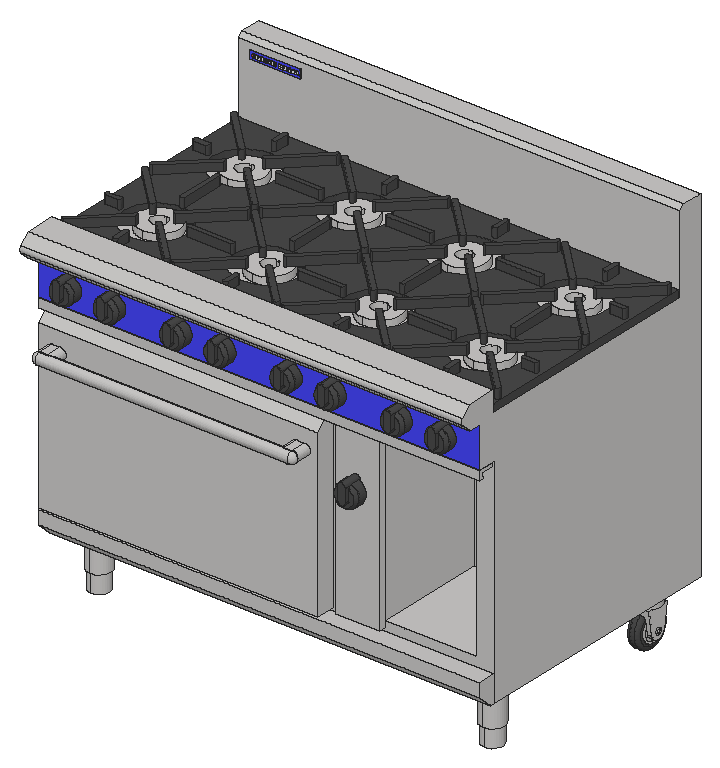
Revit family "QF_MOFFAT_BLUESEAL_CE_GE58D", category Specialty Equipment, Revit 2012
Parameters
  Width = 1200 mm
  Weight in Pounds = 485
  Watts = 6600 W
  Volts = 400 V
  URL Cutsheet = "www.moffat.com"
  URL = "www.moffat.com"
  Type Mark [instance] = ""
  Status [instance] = ""
  Specification by User [instance] = ""
  Specification by Manufacturer = ""
  Show Logo [instance] = yes
  Show Clearance [instance] = yes
  Show Casters [instance] = yes
  Serial Number = ""
  Seismic Rating = ""
  SMACNA No = ""
  Revision Code [instance] = ""
  Phase = 3
  Omniclass Number and Title = ""
  Number of Poles [instance] = 1
  NAFEM Spec ID Number = ""
  Model = "GE58D"
  Min Ckt Ampacity = 0 A
  Mechanical Remarks = ""
  Mechanical Connection Type [instance] = ""
  Max Overcurrent Protection = 0 A
  Masterspec = ""
  Manufacturer = "MOFFAT BLUESEAL"
  Legs [instance] = not(Show Casters)  # no
  Item Number [instance] = ""
  Installed By [instance] = ""
  Identify Quantity as Lot [instance] = yes
  Height = 970 mm
  HP = ""
  Gas Size = 3/4"
  Gas RI Height [instance] = 0 mm
  Gas KW [instance] = 62.2
  Gas Input [instance] = 212311.0 Btu/h
  Gas Connection Height = 0 mm
  Furnished By [instance] = ""
  Foodservice Equipment Identifier [instance] = yes
  FL Amps = 9.4 A
  Electrical Remarks = "9.4A PER PHASE"
  Electric Connection Type = ""
  Elec Conn RI Height = 0 mm
  Elec Conn Connection Height = 0 mm
  Description = "1200MM GAS RANGE WITH ELECTRIC CONVECTION OVEN"
  Depth = 812 mm
  Cycle = 50 Hz
  Conn Plug = ""
  Conn Conduit = yes
  CSI MasterFormat = ""
  CSI Master Format = ""
  Body Finish = QF_Finishes_Stainless Steel
  Apparent Power = 0 VA
Reference planes
  plane 1 "BACK": y = 0
  plane 2: z = 0
  plane 3 "LEFT": x = 0
  plane 4 "RIGHT": x = 1200
  plane 5 "FRONT": y = -812
  plane 6 "TOP": z = 970
  plane 7 "Center Y": x = 600
  plane 8 "Center X": y = -406
  plane 9: x = 280
  plane 10: y = -574.272
  plane 11: x = 60
  plane 12: y = -304.972
  plane 13: y = -364.972
  plane 14: x = 74
  plane 15: y = -812
  plane 16: x = 1134.5
  plane 17: y = -32
  plane 18: z = 655
  plane 19: x = 65.5
  plane 20: x = 65.8
  plane 21: z = 1085
  plane 22: y = -705
  plane 23: y = -100
Forms (mm)
  Extrusion 1, solid, material "QF_Finishes_Stainless Steel" <- "Body Finish"
    sketch origin (0, 0, 0) x (0, 1, 0) y (0, 0, 1)
      loop
        line (0, 150) -> (0, 1085) -> (-57.5, 1085) -> (-70, 1072.5) -> (-70, 861.8) -> (-705, 861.8) -> (-705, 915) -> (-783.97, 915) -> (-808.49, 890.48)
        arc (-808.49, 890.48) -> (-812.002, 882) -> (-808.49, 873.52) r 11.993
        line (-808.49, 873.52) -> (-784.97, 850) -> (-749, 850) -> (-749, 740) -> (-699, 740) -> (-699, 150) -> (0, 150)
      loop
        line (-749, 222.5) -> (-749, 186) -> (-713, 150) -> (-703.2, 150) -> (-703.2, 222.5) -> (-749, 222.5)
      loop
        line (-749, 713.781) -> (-740.224, 713.781) -> (-742.613, 730.781) -> (-707.93, 730.781) -> (-707.93, 737.784) -> (-749, 737.784) -> (-749, 713.781)
    from 0 to 1200
  Extrusion 2, solid, material "QF_Finishes_Stainless Steel"
    sketch origin (0, 7, 0) x (0, 1, 0) y (0, 0, 1)
      loop
        line (-706, 700) -> (-732, 700) -> (-756, 676) -> (-756, 227.5) -> (-706, 227.5) -> (-706, 700)
    from 0 to 760
  Extrusion 3, solid, material "QF_Finishes_Stainless Steel"
    sketch origin (723.5, 7, 0) x (0, 1, 0) y (0, 0, 1)
      loop
        line (-706, 700) -> (-721, 700) -> (-721, 227.5) -> (-706, 227.5) -> (-706, 700)
    from 56.898 to 176.5
  Revolve 4, solid, material "QF_Finishes_Stainless Steel" <- "Body Finish"
    sketch origin (1134.5, -696.126, 0) x (0, 1, 0) y (0, 0, -1)
      loop
        line (39.376, -150) -> (71.126, -150) -> (71.126, 0) -> (43.626, 0) -> (43.626, -50) -> (39.376, -50) -> (39.376, -150)
      axis (71.126, -150) -> (71.126, 0)
    angle from 0 to 360
  Revolve 5, solid, material "QF_Finishes_Stainless Steel" <- "Body Finish"
    sketch origin (65.5, -696.126, 0) x (0, 1, 0) y (0, 0, 1)
      loop
        line (39.376, 150) -> (39.376, 50) -> (43.626, 50) -> (43.626, 0) -> (71.126, 0) -> (71.126, 150) -> (39.376, 150)
      axis (71.126, 150) -> (71.126, 0)
    angle from 0 to 360
  Extrusion 6, solid, material "QF_Finishes_Stainless Steel"
    sketch origin (-64.5, 0, 325) x (1, 0, 0) y (0, 1, 0)
      loop
        circle (1134.5, -32) r 10
    from 330 to 374.856
  Extrusion 7, void
    sketch origin (0, -699, 150) x (0, 0, -1) y (-1, 0, 0)
      loop
        line (-529.781, -900) -> (-529.781, -1150) -> (-96, -1150) -> (-96, -900) -> (-529.781, -900)
    from 0 to 304.8
  Extrusion 8, solid, material "QF_Finishes_Black"
    sketch origin (0, -70, 861.8) x (0, -1, 0) y (1, 0, 0)
      loop
        arc (1, 4) -> (1.879, 1.879) -> (4, 1) r 3
        line (4, 1) -> (632, 1)
        arc (632, 1) -> (634.121, 1.879) -> (635, 4) r 3
        line (635, 4) -> (635, 1197)
        arc (635, 1197) -> (634.121, 1199.121) -> (632, 1200) r 3
        line (632, 1200) -> (4, 1200)
        arc (4, 1200) -> (1.879, 1199.121) -> (1, 1197) r 3
        line (1, 1197) -> (1, 4)
      loop
        circle (167.5, 150) r 85
      loop
        circle (167.5, 450) r 85
      loop
        circle (467.768, 150) r 85
      loop
        circle (467.768, 450) r 85
      loop
        circle (167.5, 750) r 85
      loop
        circle (467.768, 750) r 85
      loop
        circle (167.5, 1050) r 85
      loop
        circle (467.768, 1050) r 85
    from 0 to 19.5
  Extrusion 9, solid, material "QF_Finishes_Black"
    sketch origin (0, -70, 881.3) x (0, -1, 0) y (1, 0, 0)
      loop
        spline (327.102, 15.153) -> (326.181, 13.924) -> (325.631, 12.47) -> (325.49, 10.89) -> (325.767, 9.292) -> (326.443, 7.786) -> (327.473, 6.473) -> (328.786, 5.443) -> (330.292, 4.767) -> (331.89, 4.49) -> (333.47, 4.631) -> (334.924, 5.181) -> (336.153, 6.102)
        line (336.153, 6.102) -> (444.076, 114.025)
        spline (444.076, 114.025) -> (444.837, 115.095) -> (445.238, 116.399) -> (445.251, 117.851) -> (444.875, 119.35) -> (444.137, 120.795) -> (443.086, 122.086) -> (441.795, 123.137) -> (440.35, 123.875) -> (438.851, 124.251) -> (437.399, 124.238) -> (436.095, 123.837) -> (435.025, 123.076)
        line (435.025, 123.076) -> (327.102, 15.153)
      loop
        line (611.398, 15.153) -> (503.475, 123.076)
        spline (503.475, 123.076) -> (502.405, 123.837) -> (501.101, 124.238) -> (499.649, 124.251) -> (498.15, 123.875) -> (496.705, 123.137) -> (495.414, 122.086) -> (494.363, 120.795) -> (493.625, 119.35) -> (493.249, 117.851) -> (493.262, 116.399) -> (493.663, 115.095) -> (494.424, 114.025)
        line (494.424, 114.025) -> (602.347, 6.102)
        spline (602.347, 6.102) -> (603.416, 5.341) -> (604.721, 4.941) -> (606.172, 4.928) -> (607.671, 5.303) -> (609.116, 6.041) -> (610.408, 7.092) -> (611.459, 8.384) -> (612.197, 9.829) -> (612.572, 11.328) -> (612.559, 12.779) -> (612.159, 14.084) -> (611.398, 15.153)
      loop
        spline (379.102, 143.6) -> (380.396, 143.818) -> (381.602, 144.457) -> (382.638, 145.475) -> (383.432, 146.8) -> (383.932, 148.344) -> (384.102, 150) -> (383.932, 151.656) -> (383.432, 153.2) -> (382.638, 154.525) -> (381.602, 155.543) -> (380.396, 156.182) -> (379.102, 156.4)
        line (379.102, 156.4) -> (259.398, 156.4)
        spline (259.398, 156.4) -> (258.104, 156.182) -> (256.898, 155.543) -> (255.862, 154.525) -> (255.068, 153.2) -> (254.568, 151.656) -> (254.398, 150) -> (254.568, 148.344) -> (255.068, 146.8) -> (255.862, 145.475) -> (256.898, 144.457) -> (258.104, 143.818) -> (259.398, 143.6)
        line (259.398, 143.6) -> (379.102, 143.6)
      loop
        spline (23.602, 15.153) -> (22.681, 13.924) -> (22.131, 12.47) -> (21.99, 10.89) -> (22.267, 9.292) -> (22.943, 7.786) -> (23.973, 6.473) -> (25.286, 5.443) -> (26.792, 4.767) -> (28.39, 4.49) -> (29.97, 4.631) -> (31.424, 5.181) -> (32.653, 6.102)
        line (32.653, 6.102) -> (140.576, 114.025)
        spline (140.576, 114.025) -> (141.337, 115.095) -> (141.738, 116.399) -> (141.751, 117.851) -> (141.375, 119.35) -> (140.637, 120.795) -> (139.586, 122.086) -> (138.295, 123.137) -> (136.85, 123.875) -> (135.351, 124.251) -> (133.899, 124.238) -> (132.595, 123.837) -> (131.525, 123.076)
        line (131.525, 123.076) -> (23.602, 15.153)
      loop
        line (311.398, 15.153) -> (203.475, 123.076)
        spline (203.475, 123.076) -> (202.405, 123.837) -> (201.101, 124.238) -> (199.649, 124.251) -> (198.15, 123.875) -> (196.705, 123.137) -> (195.414, 122.086) -> (194.363, 120.795) -> (193.625, 119.35) -> (193.249, 117.851) -> (193.262, 116.399) -> (193.663, 115.095) -> (194.424, 114.025)
        line (194.424, 114.025) -> (302.347, 6.102)
        spline (302.347, 6.102) -> (303.416, 5.341) -> (304.721, 4.941) -> (306.172, 4.928) -> (307.671, 5.303) -> (309.116, 6.041) -> (310.408, 7.092) -> (311.459, 8.384) -> (312.197, 9.829) -> (312.572, 11.328) -> (312.559, 12.779) -> (312.159, 14.084) -> (311.398, 15.153)
      loop
        line (327.102, 284.847) -> (435.025, 176.924)
        spline (435.025, 176.924) -> (436.095, 176.163) -> (437.399, 175.762) -> (438.851, 175.749) -> (440.35, 176.125) -> (441.795, 176.863) -> (443.086, 177.914) -> (444.137, 179.205) -> (444.875, 180.65) -> (445.251, 182.149) -> (445.238, 183.601) -> (444.837, 184.905) -> (444.076, 185.975)
        line (444.076, 185.975) -> (336.153, 293.898)
        spline (336.153, 293.898) -> (334.924, 294.819) -> (333.47, 295.369) -> (331.89, 295.51) -> (330.292, 295.233) -> (328.786, 294.557) -> (327.473, 293.527) -> (326.443, 292.214) -> (325.767, 290.708) -> (325.49, 289.11) -> (325.631, 287.53) -> (326.181, 286.076) -> (327.102, 284.847)
      loop
        spline (611.398, 284.847) -> (612.159, 285.916) -> (612.559, 287.221) -> (612.572, 288.672) -> (612.197, 290.171) -> (611.459, 291.616) -> (610.408, 292.908) -> (609.116, 293.959) -> (607.671, 294.697) -> (606.172, 295.072) -> (604.721, 295.059) -> (603.416, 294.659) -> (602.347, 293.898)
        line (602.347, 293.898) -> (494.424, 185.975)
        spline (494.424, 185.975) -> (493.663, 184.905) -> (493.262, 183.601) -> (493.249, 182.149) -> (493.625, 180.65) -> (494.363, 179.205) -> (495.414, 177.914) -> (496.705, 176.863) -> (498.15, 176.125) -> (499.649, 175.749) -> (501.101, 175.762) -> (502.405, 176.163) -> (503.475, 176.924)
        line (503.475, 176.924) -> (611.398, 284.847)
      loop
        spline (461.1, 241.898) -> (461.318, 240.604) -> (461.957, 239.398) -> (462.975, 238.362) -> (464.3, 237.568) -> (465.844, 237.068) -> (467.5, 236.898) -> (469.156, 237.068) -> (470.7, 237.568) -> (472.025, 238.362) -> (473.043, 239.398) -> (473.682, 240.604) -> (473.9, 241.898)
        line (473.9, 241.898) -> (473.9, 358.102)
        spline (473.9, 358.102) -> (473.682, 359.396) -> (473.043, 360.602) -> (472.025, 361.638) -> (470.7, 362.432) -> (469.156, 362.932) -> (467.5, 363.102) -> (465.844, 362.932) -> (464.3, 362.432) -> (462.975, 361.638) -> (461.957, 360.602) -> (461.318, 359.396) -> (461.1, 358.102)
        line (461.1, 358.102) -> (461.1, 241.898)
      loop
        line (23.602, 284.847) -> (131.525, 176.924)
        spline (131.525, 176.924) -> (132.595, 176.163) -> (133.899, 175.762) -> (135.351, 175.749) -> (136.85, 176.125) -> (138.295, 176.863) -> (139.586, 177.914) -> (140.637, 179.205) -> (141.375, 180.65) -> (141.751, 182.149) -> (141.738, 183.601) -> (141.337, 184.905) -> (140.576, 185.975)
        line (140.576, 185.975) -> (32.653, 293.898)
        spline (32.653, 293.898) -> (31.424, 294.819) -> (29.97, 295.369) -> (28.39, 295.51) -> (26.792, 295.233) -> (25.286, 294.557) -> (23.973, 293.527) -> (22.943, 292.214) -> (22.267, 290.708) -> (21.99, 289.11) -> (22.131, 287.53) -> (22.681, 286.076) -> (23.602, 284.847)
      loop
        spline (311.398, 284.847) -> (312.159, 285.916) -> (312.559, 287.221) -> (312.572, 288.672) -> (312.197, 290.171) -> (311.459, 291.616) -> (310.408, 292.908) -> (309.116, 293.959) -> (307.671, 294.697) -> (306.172, 295.072) -> (304.721, 295.059) -> (303.416, 294.659) -> (302.347, 293.898)
        line (302.347, 293.898) -> (194.424, 185.975)
        spline (194.424, 185.975) -> (193.663, 184.905) -> (193.262, 183.601) -> (193.249, 182.149) -> (193.625, 180.65) -> (194.363, 179.205) -> (195.414, 177.914) -> (196.705, 176.863) -> (198.15, 176.125) -> (199.649, 175.749) -> (201.101, 175.762) -> (202.405, 176.163) -> (203.475, 176.924)
        line (203.475, 176.924) -> (311.398, 284.847)
      loop
        spline (161.1, 241.898) -> (161.318, 240.604) -> (161.957, 239.398) -> (162.975, 238.362) -> (164.3, 237.568) -> (165.844, 237.068) -> (167.5, 236.898) -> (169.156, 237.068) -> (170.7, 237.568) -> (172.025, 238.362) -> (173.043, 239.398) -> (173.682, 240.604) -> (173.9, 241.898)
        line (173.9, 241.898) -> (173.9, 358.102)
        spline (173.9, 358.102) -> (173.682, 359.396) -> (173.043, 360.602) -> (172.025, 361.638) -> (170.7, 362.432) -> (169.156, 362.932) -> (167.5, 363.102) -> (165.844, 362.932) -> (164.3, 362.432) -> (162.975, 361.638) -> (161.957, 360.602) -> (161.318, 359.396) -> (161.1, 358.102)
        line (161.1, 358.102) -> (161.1, 241.898)
      loop
        line (379.102, 456.4) -> (259.398, 456.4)
        spline (259.398, 456.4) -> (258.104, 456.182) -> (256.898, 455.543) -> (255.862, 454.525) -> (255.068, 453.2) -> (254.568, 451.656) -> (254.398, 450) -> (254.568, 448.344) -> (255.068, 446.8) -> (255.862, 445.475) -> (256.898, 444.457) -> (258.104, 443.818) -> (259.398, 443.6)
        line (259.398, 443.6) -> (379.102, 443.6)
        spline (379.102, 443.6) -> (380.396, 443.818) -> (381.602, 444.457) -> (382.638, 445.475) -> (383.432, 446.8) -> (383.932, 448.344) -> (384.102, 450) -> (383.932, 451.656) -> (383.432, 453.2) -> (382.638, 454.525) -> (381.602, 455.543) -> (380.396, 456.182) -> (379.102, 456.4)
      loop
        spline (327.102, 315.153) -> (326.181, 313.924) -> (325.631, 312.47) -> (325.49, 310.89) -> (325.767, 309.292) -> (326.443, 307.786) -> (327.473, 306.473) -> (328.786, 305.443) -> (330.292, 304.767) -> (331.89, 304.49) -> (333.47, 304.631) -> (334.924, 305.181) -> (336.153, 306.102)
        line (336.153, 306.102) -> (444.076, 414.025)
        spline (444.076, 414.025) -> (444.837, 415.095) -> (445.238, 416.399) -> (445.251, 417.851) -> (444.875, 419.35) -> (444.137, 420.795) -> (443.086, 422.086) -> (441.795, 423.137) -> (440.35, 423.875) -> (438.851, 424.251) -> (437.399, 424.238) -> (436.095, 423.837) -> (435.025, 423.076)
        line (435.025, 423.076) -> (327.102, 315.153)
      loop
        line (611.398, 315.153) -> (503.475, 423.076)
        spline (503.475, 423.076) -> (502.405, 423.837) -> (501.101, 424.238) -> (499.649, 424.251) -> (498.15, 423.875) -> (496.705, 423.137) -> (495.414, 422.086) -> (494.363, 420.795) -> (493.625, 419.35) -> (493.249, 417.851) -> (493.262, 416.399) -> (493.663, 415.095) -> (494.424, 414.025)
        line (494.424, 414.025) -> (602.347, 306.102)
        spline (602.347, 306.102) -> (603.416, 305.341) -> (604.721, 304.941) -> (606.172, 304.928) -> (607.671, 305.303) -> (609.116, 306.041) -> (610.408, 307.092) -> (611.459, 308.384) -> (612.197, 309.829) -> (612.572, 311.328) -> (612.559, 312.779) -> (612.159, 314.084) -> (611.398, 315.153)
      loop
        spline (23.602, 315.153) -> (22.681, 313.924) -> (22.131, 312.47) -> (21.99, 310.89) -> (22.267, 309.292) -> (22.943, 307.786) -> (23.973, 306.473) -> (25.286, 305.443) -> (26.792, 304.767) -> (28.39, 304.49) -> (29.97, 304.631) -> (31.424, 305.181) -> (32.653, 306.102)
        line (32.653, 306.102) -> (140.576, 414.025)
        spline (140.576, 414.025) -> (141.337, 415.095) -> (141.738, 416.399) -> (141.751, 417.851) -> (141.375, 419.35) -> (140.637, 420.795) -> (139.586, 422.086) -> (138.295, 423.137) -> (136.85, 423.875) -> (135.351, 424.251) -> (133.899, 424.238) -> (132.595, 423.837) -> (131.525, 423.076)
        line (131.525, 423.076) -> (23.602, 315.153)
      loop
        line (311.398, 315.153) -> (203.475, 423.076)
        spline (203.475, 423.076) -> (202.405, 423.837) -> (201.101, 424.238) -> (199.649, 424.251) -> (198.15, 423.875) -> (196.705, 423.137) -> (195.414, 422.086) -> (194.363, 420.795) -> (193.625, 419.35) -> (193.249, 417.851) -> (193.262, 416.399) -> (193.663, 415.095) -> (194.424, 414.025)
        line (194.424, 414.025) -> (302.347, 306.102)
        spline (302.347, 306.102) -> (303.416, 305.341) -> (304.721, 304.941) -> (306.172, 304.928) -> (307.671, 305.303) -> (309.116, 306.041) -> (310.408, 307.092) -> (311.459, 308.384) -> (312.197, 309.829) -> (312.572, 311.328) -> (312.559, 312.779) -> (312.159, 314.084) -> (311.398, 315.153)
      loop
        line (327.102, 584.847) -> (435.025, 476.924)
        spline (435.025, 476.924) -> (436.095, 476.163) -> (437.399, 475.762) -> (438.851, 475.749) -> (440.35, 476.125) -> (441.795, 476.863) -> (443.086, 477.914) -> (444.137, 479.205) -> (444.875, 480.65) -> (445.251, 482.149) -> (445.238, 483.601) -> (444.837, 484.905) -> (444.076, 485.975)
        line (444.076, 485.975) -> (336.153, 593.898)
        spline (336.153, 593.898) -> (334.924, 594.819) -> (333.47, 595.369) -> (331.89, 595.51) -> (330.292, 595.233) -> (328.786, 594.557) -> (327.473, 593.527) -> (326.443, 592.214) -> (325.767, 590.708) -> (325.49, 589.11) -> (325.631, 587.53) -> (326.181, 586.076) -> (327.102, 584.847)
      loop
        spline (611.398, 584.847) -> (612.159, 585.916) -> (612.559, 587.221) -> (612.572, 588.672) -> (612.197, 590.171) -> (611.459, 591.616) -> (610.408, 592.908) -> (609.116, 593.959) -> (607.671, 594.697) -> (606.172, 595.072) -> (604.721, 595.059) -> (603.416, 594.659) -> (602.347, 593.898)
        line (602.347, 593.898) -> (494.424, 485.975)
        spline (494.424, 485.975) -> (493.663, 484.905) -> (493.262, 483.601) -> (493.249, 482.149) -> (493.625, 480.65) -> (494.363, 479.205) -> (495.414, 477.914) -> (496.705, 476.863) -> (498.15, 476.125) -> (499.649, 475.749) -> (501.101, 475.762) -> (502.405, 476.163) -> (503.475, 476.924)
        line (503.475, 476.924) -> (611.398, 584.847)
      loop
        line (23.602, 584.847) -> (131.525, 476.924)
        spline (131.525, 476.924) -> (132.595, 476.163) -> (133.899, 475.762) -> (135.351, 475.749) -> (136.85, 476.125) -> (138.295, 476.863) -> (139.586, 477.914) -> (140.637, 479.205) -> (141.375, 480.65) -> (141.751, 482.149) -> (141.738, 483.601) -> (141.337, 484.905) -> (140.576, 485.975)
        line (140.576, 485.975) -> (32.653, 593.898)
        spline (32.653, 593.898) -> (31.424, 594.819) -> (29.97, 595.369) -> (28.39, 595.51) -> (26.792, 595.233) -> (25.286, 594.557) -> (23.973, 593.527) -> (22.943, 592.214) -> (22.267, 590.708) -> (21.99, 589.11) -> (22.131, 587.53) -> (22.681, 586.076) -> (23.602, 584.847)
      loop
        spline (311.398, 584.847) -> (312.159, 585.916) -> (312.559, 587.221) -> (312.572, 588.672) -> (312.197, 590.171) -> (311.459, 591.616) -> (310.408, 592.908) -> (309.116, 593.959) -> (307.671, 594.697) -> (306.172, 595.072) -> (304.721, 595.059) -> (303.416, 594.659) -> (302.347, 593.898)
        line (302.347, 593.898) -> (194.424, 485.975)
        spline (194.424, 485.975) -> (193.663, 484.905) -> (193.262, 483.601) -> (193.249, 482.149) -> (193.625, 480.65) -> (194.363, 479.205) -> (195.414, 477.914) -> (196.705, 476.863) -> (198.15, 476.125) -> (199.649, 475.749) -> (201.101, 475.762) -> (202.405, 476.163) -> (203.475, 476.924)
        line (203.475, 476.924) -> (311.398, 584.847)
      loop
        spline (461.1, 541.898) -> (461.318, 540.604) -> (461.957, 539.398) -> (462.975, 538.362) -> (464.3, 537.568) -> (465.844, 537.068) -> (467.5, 536.898) -> (469.156, 537.068) -> (470.7, 537.568) -> (472.025, 538.362) -> (473.043, 539.398) -> (473.682, 540.604) -> (473.9, 541.898)
        line (473.9, 541.898) -> (473.9, 658.102)
        spline (473.9, 658.102) -> (473.682, 659.396) -> (473.043, 660.602) -> (472.025, 661.638) -> (470.7, 662.432) -> (469.156, 662.932) -> (467.5, 663.102) -> (465.844, 662.932) -> (464.3, 662.432) -> (462.975, 661.638) -> (461.957, 660.602) -> (461.318, 659.396) -> (461.1, 658.102)
        line (461.1, 658.102) -> (461.1, 541.898)
      loop
        spline (161.1, 541.898) -> (161.318, 540.604) -> (161.957, 539.398) -> (162.975, 538.362) -> (164.3, 537.568) -> (165.844, 537.068) -> (167.5, 536.898) -> (169.156, 537.068) -> (170.7, 537.568) -> (172.025, 538.362) -> (173.043, 539.398) -> (173.682, 540.604) -> (173.9, 541.898)
        line (173.9, 541.898) -> (173.9, 658.102)
        spline (173.9, 658.102) -> (173.682, 659.396) -> (173.043, 660.602) -> (172.025, 661.638) -> (170.7, 662.432) -> (169.156, 662.932) -> (167.5, 663.102) -> (165.844, 662.932) -> (164.3, 662.432) -> (162.975, 661.638) -> (161.957, 660.602) -> (161.318, 659.396) -> (161.1, 658.102)
        line (161.1, 658.102) -> (161.1, 541.898)
      loop
        line (379.102, 756.4) -> (259.398, 756.4)
        spline (259.398, 756.4) -> (258.104, 756.182) -> (256.898, 755.543) -> (255.862, 754.525) -> (255.068, 753.2) -> (254.568, 751.656) -> (254.398, 750) -> (254.568, 748.344) -> (255.068, 746.8) -> (255.862, 745.475) -> (256.898, 744.457) -> (258.104, 743.818) -> (259.398, 743.6)
        line (259.398, 743.6) -> (379.102, 743.6)
        spline (379.102, 743.6) -> (380.396, 743.818) -> (381.602, 744.457) -> (382.638, 745.475) -> (383.432, 746.8) -> (383.932, 748.344) -> (384.102, 750) -> (383.932, 751.656) -> (383.432, 753.2) -> (382.638, 754.525) -> (381.602, 755.543) -> (380.396, 756.182) -> (379.102, 756.4)
      loop
        spline (327.102, 615.153) -> (326.181, 613.924) -> (325.631, 612.47) -> (325.49, 610.89) -> (325.767, 609.292) -> (326.443, 607.786) -> (327.473, 606.473) -> (328.786, 605.443) -> (330.292, 604.767) -> (331.89, 604.49) -> (333.47, 604.631) -> (334.924, 605.181) -> (336.153, 606.102)
        line (336.153, 606.102) -> (444.076, 714.025)
        spline (444.076, 714.025) -> (444.837, 715.095) -> (445.238, 716.399) -> (445.251, 717.851) -> (444.875, 719.35) -> (444.137, 720.795) -> (443.086, 722.086) -> (441.795, 723.137) -> (440.35, 723.875) -> (438.851, 724.251) -> (437.399, 724.238) -> (436.095, 723.837) -> (435.025, 723.076)
        line (435.025, 723.076) -> (327.102, 615.153)
      loop
        line (611.398, 615.153) -> (503.475, 723.076)
        spline (503.475, 723.076) -> (502.405, 723.837) -> (501.101, 724.238) -> (499.649, 724.251) -> (498.15, 723.875) -> (496.705, 723.137) -> (495.414, 722.086) -> (494.363, 720.795) -> (493.625, 719.35) -> (493.249, 717.851) -> (493.262, 716.399) -> (493.663, 715.095) -> (494.424, 714.025)
        line (494.424, 714.025) -> (602.347, 606.102)
        spline (602.347, 606.102) -> (603.416, 605.341) -> (604.721, 604.941) -> (606.172, 604.928) -> (607.671, 605.303) -> (609.116, 606.041) -> (610.408, 607.092) -> (611.459, 608.384) -> (612.197, 609.829) -> (612.572, 611.328) -> (612.559, 612.779) -> (612.159, 614.084) -> (611.398, 615.153)
      loop
        spline (23.602, 615.153) -> (22.681, 613.924) -> (22.131, 612.47) -> (21.99, 610.89) -> (22.267, 609.292) -> (22.943, 607.786) -> (23.973, 606.473) -> (25.286, 605.443) -> (26.792, 604.767) -> (28.39, 604.49) -> (29.97, 604.631) -> (31.424, 605.181) -> (32.653, 606.102)
        line (32.653, 606.102) -> (140.576, 714.025)
        spline (140.576, 714.025) -> (141.337, 715.095) -> (141.738, 716.399) -> (141.751, 717.851) -> (141.375, 719.35) -> (140.637, 720.795) -> (139.586, 722.086) -> (138.295, 723.137) -> (136.85, 723.875) -> (135.351, 724.251) -> (133.899, 724.238) -> (132.595, 723.837) -> (131.525, 723.076)
        line (131.525, 723.076) -> (23.602, 615.153)
      loop
        line (311.398, 615.153) -> (203.475, 723.076)
        spline (203.475, 723.076) -> (202.405, 723.837) -> (201.101, 724.238) -> (199.649, 724.251) -> (198.15, 723.875) -> (196.705, 723.137) -> (195.414, 722.086) -> (194.363, 720.795) -> (193.625, 719.35) -> (193.249, 717.851) -> (193.262, 716.399) -> (193.663, 715.095) -> (194.424, 714.025)
        line (194.424, 714.025) -> (302.347, 606.102)
        spline (302.347, 606.102) -> (303.416, 605.341) -> (304.721, 604.941) -> (306.172, 604.928) -> (307.671, 605.303) -> (309.116, 606.041) -> (310.408, 607.092) -> (311.459, 608.384) -> (312.197, 609.829) -> (312.572, 611.328) -> (312.559, 612.779) -> (312.159, 614.084) -> (311.398, 615.153)
      loop
        line (327.102, 884.847) -> (435.025, 776.924)
        spline (435.025, 776.924) -> (436.095, 776.163) -> (437.399, 775.762) -> (438.851, 775.749) -> (440.35, 776.125) -> (441.795, 776.863) -> (443.086, 777.914) -> (444.137, 779.205) -> (444.875, 780.65) -> (445.251, 782.149) -> (445.238, 783.601) -> (444.837, 784.905) -> (444.076, 785.975)
        line (444.076, 785.975) -> (336.153, 893.898)
        spline (336.153, 893.898) -> (334.924, 894.819) -> (333.47, 895.369) -> (331.89, 895.51) -> (330.292, 895.233) -> (328.786, 894.557) -> (327.473, 893.527) -> (326.443, 892.214) -> (325.767, 890.708) -> (325.49, 889.11) -> (325.631, 887.53) -> (326.181, 886.076) -> (327.102, 884.847)
      loop
        spline (611.398, 884.847) -> (612.159, 885.916) -> (612.559, 887.221) -> (612.572, 888.672) -> (612.197, 890.171) -> (611.459, 891.616) -> (610.408, 892.908) -> (609.116, 893.959) -> (607.671, 894.697) -> (606.172, 895.072) -> (604.721, 895.059) -> (603.416, 894.659) -> (602.347, 893.898)
        line (602.347, 893.898) -> (494.424, 785.975)
        spline (494.424, 785.975) -> (493.663, 784.905) -> (493.262, 783.601) -> (493.249, 782.149) -> (493.625, 780.65) -> (494.363, 779.205) -> (495.414, 777.914) -> (496.705, 776.863) -> (498.15, 776.125) -> (499.649, 775.749) -> (501.101, 775.762) -> (502.405, 776.163) -> (503.475, 776.924)
        line (503.475, 776.924) -> (611.398, 884.847)
      loop
        line (23.602, 884.847) -> (131.525, 776.924)
        spline (131.525, 776.924) -> (132.595, 776.163) -> (133.899, 775.762) -> (135.351, 775.749) -> (136.85, 776.125) -> (138.295, 776.863) -> (139.586, 777.914) -> (140.637, 779.205) -> (141.375, 780.65) -> (141.751, 782.149) -> (141.738, 783.601) -> (141.337, 784.905) -> (140.576, 785.975)
        line (140.576, 785.975) -> (32.653, 893.898)
        spline (32.653, 893.898) -> (31.424, 894.819) -> (29.97, 895.369) -> (28.39, 895.51) -> (26.792, 895.233) -> (25.286, 894.557) -> (23.973, 893.527) -> (22.943, 892.214) -> (22.267, 890.708) -> (21.99, 889.11) -> (22.131, 887.53) -> (22.681, 886.076) -> (23.602, 884.847)
      loop
        spline (311.398, 884.847) -> (312.159, 885.916) -> (312.559, 887.221) -> (312.572, 888.672) -> (312.197, 890.171) -> (311.459, 891.616) -> (310.408, 892.908) -> (309.116, 893.959) -> (307.671, 894.697) -> (306.172, 895.072) -> (304.721, 895.059) -> (303.416, 894.659) -> (302.347, 893.898)
        line (302.347, 893.898) -> (194.424, 785.975)
        spline (194.424, 785.975) -> (193.663, 784.905) -> (193.262, 783.601) -> (193.249, 782.149) -> (193.625, 780.65) -> (194.363, 779.205) -> (195.414, 777.914) -> (196.705, 776.863) -> (198.15, 776.125) -> (199.649, 775.749) -> (201.101, 775.762) -> (202.405, 776.163) -> (203.475, 776.924)
        line (203.475, 776.924) -> (311.398, 884.847)
      loop
        line (327.102, 1184.847) -> (435.025, 1076.924)
        spline (435.025, 1076.924) -> (436.095, 1076.163) -> (437.399, 1075.762) -> (438.851, 1075.749) -> (440.35, 1076.125) -> (441.795, 1076.863) -> (443.086, 1077.914) -> (444.137, 1079.205) -> (444.875, 1080.65) -> (445.251, 1082.149) -> (445.238, 1083.601) -> (444.837, 1084.905) -> (444.076, 1085.975)
        line (444.076, 1085.975) -> (336.153, 1193.898)
        spline (336.153, 1193.898) -> (334.924, 1194.819) -> (333.47, 1195.369) -> (331.89, 1195.51) -> (330.292, 1195.233) -> (328.786, 1194.557) -> (327.473, 1193.527) -> (326.443, 1192.214) -> (325.767, 1190.708) -> (325.49, 1189.11) -> (325.631, 1187.53) -> (326.181, 1186.076) -> (327.102, 1184.847)
      loop
        spline (611.398, 1184.847) -> (612.159, 1185.916) -> (612.559, 1187.221) -> (612.572, 1188.672) -> (612.197, 1190.171) -> (611.459, 1191.616) -> (610.408, 1192.908) -> (609.116, 1193.959) -> (607.671, 1194.697) -> (606.172, 1195.072) -> (604.721, 1195.059) -> (603.416, 1194.659) -> (602.347, 1193.898)
        line (602.347, 1193.898) -> (494.424, 1085.975)
        spline (494.424, 1085.975) -> (493.663, 1084.905) -> (493.262, 1083.601) -> (493.249, 1082.149) -> (493.625, 1080.65) -> (494.363, 1079.205) -> (495.414, 1077.914) -> (496.705, 1076.863) -> (498.15, 1076.125) -> (499.649, 1075.749) -> (501.101, 1075.762) -> (502.405, 1076.163) -> (503.475, 1076.924)
        line (503.475, 1076.924) -> (611.398, 1184.847)
      loop
        line (379.102, 1056.4) -> (259.398, 1056.4)
        spline (259.398, 1056.4) -> (258.104, 1056.182) -> (256.898, 1055.543) -> (255.862, 1054.525) -> (255.068, 1053.2) -> (254.568, 1051.656) -> (254.398, 1050) -> (254.568, 1048.344) -> (255.068, 1046.8) -> (255.862, 1045.475) -> (256.898, 1044.457) -> (258.104, 1043.818) -> (259.398, 1043.6)
        line (259.398, 1043.6) -> (379.102, 1043.6)
        spline (379.102, 1043.6) -> (380.396, 1043.818) -> (381.602, 1044.457) -> (382.638, 1045.475) -> (383.432, 1046.8) -> (383.932, 1048.344) -> (384.102, 1050) -> (383.932, 1051.656) -> (383.432, 1053.2) -> (382.638, 1054.525) -> (381.602, 1055.543) -> (380.396, 1056.182) -> (379.102, 1056.4)
      loop
        line (23.602, 1184.847) -> (131.525, 1076.924)
        spline (131.525, 1076.924) -> (132.595, 1076.163) -> (133.899, 1075.762) -> (135.351, 1075.749) -> (136.85, 1076.125) -> (138.295, 1076.863) -> (139.586, 1077.914) -> (140.637, 1079.205) -> (141.375, 1080.65) -> (141.751, 1082.149) -> (141.738, 1083.601) -> (141.337, 1084.905) -> (140.576, 1085.975)
        line (140.576, 1085.975) -> (32.653, 1193.898)
        spline (32.653, 1193.898) -> (31.424, 1194.819) -> (29.97, 1195.369) -> (28.39, 1195.51) -> (26.792, 1195.233) -> (25.286, 1194.557) -> (23.973, 1193.527) -> (22.943, 1192.214) -> (22.267, 1190.708) -> (21.99, 1189.11) -> (22.131, 1187.53) -> (22.681, 1186.076) -> (23.602, 1184.847)
      loop
        spline (311.398, 1184.847) -> (312.159, 1185.916) -> (312.559, 1187.221) -> (312.572, 1188.672) -> (312.197, 1190.171) -> (311.459, 1191.616) -> (310.408, 1192.908) -> (309.116, 1193.959) -> (307.671, 1194.697) -> (306.172, 1195.072) -> (304.721, 1195.059) -> (303.416, 1194.659) -> (302.347, 1193.898)
        line (302.347, 1193.898) -> (194.424, 1085.975)
        spline (194.424, 1085.975) -> (193.663, 1084.905) -> (193.262, 1083.601) -> (193.249, 1082.149) -> (193.625, 1080.65) -> (194.363, 1079.205) -> (195.414, 1077.914) -> (196.705, 1076.863) -> (198.15, 1076.125) -> (199.649, 1075.749) -> (201.101, 1075.762) -> (202.405, 1076.163) -> (203.475, 1076.924)
        line (203.475, 1076.924) -> (311.398, 1184.847)
      loop
        spline (327.102, 915.153) -> (326.181, 913.924) -> (325.631, 912.47) -> (325.49, 910.89) -> (325.767, 909.292) -> (326.443, 907.786) -> (327.473, 906.473) -> (328.786, 905.443) -> (330.292, 904.767) -> (331.89, 904.49) -> (333.47, 904.631) -> (334.924, 905.181) -> (336.153, 906.102)
        line (336.153, 906.102) -> (444.076, 1014.025)
        spline (444.076, 1014.025) -> (444.837, 1015.095) -> (445.238, 1016.399) -> (445.251, 1017.851) -> (444.875, 1019.35) -> (444.137, 1020.795) -> (443.086, 1022.086) -> (441.795, 1023.137) -> (440.35, 1023.875) -> (438.851, 1024.251) -> (437.399, 1024.238) -> (436.095, 1023.837) -> (435.025, 1023.076)
        line (435.025, 1023.076) -> (327.102, 915.153)
      loop
        line (611.398, 915.153) -> (503.475, 1023.076)
        spline (503.475, 1023.076) -> (502.405, 1023.837) -> (501.101, 1024.238) -> (499.649, 1024.251) -> (498.15, 1023.875) -> (496.705, 1023.137) -> (495.414, 1022.086) -> (494.363, 1020.795) -> (493.625, 1019.35) -> (493.249, 1017.851) -> (493.262, 1016.399) -> (493.663, 1015.095) -> (494.424, 1014.025)
        line (494.424, 1014.025) -> (602.347, 906.102)
        spline (602.347, 906.102) -> (603.416, 905.341) -> (604.721, 904.941) -> (606.172, 904.928) -> (607.671, 905.303) -> (609.116, 906.041) -> (610.408, 907.092) -> (611.459, 908.384) -> (612.197, 909.829) -> (612.572, 911.328) -> (612.559, 912.779) -> (612.159, 914.084) -> (611.398, 915.153)
      loop
        spline (23.602, 915.153) -> (22.681, 913.924) -> (22.131, 912.47) -> (21.99, 910.89) -> (22.267, 909.292) -> (22.943, 907.786) -> (23.973, 906.473) -> (25.286, 905.443) -> (26.792, 904.767) -> (28.39, 904.49) -> (29.97, 904.631) -> (31.424, 905.181) -> (32.653, 906.102)
        line (32.653, 906.102) -> (140.576, 1014.025)
        spline (140.576, 1014.025) -> (141.337, 1015.095) -> (141.738, 1016.399) -> (141.751, 1017.851) -> (141.375, 1019.35) -> (140.637, 1020.795) -> (139.586, 1022.086) -> (138.295, 1023.137) -> (136.85, 1023.875) -> (135.351, 1024.251) -> (133.899, 1024.238) -> (132.595, 1023.837) -> (131.525, 1023.076)
        line (131.525, 1023.076) -> (23.602, 915.153)
      loop
        line (311.398, 915.153) -> (203.475, 1023.076)
        spline (203.475, 1023.076) -> (202.405, 1023.837) -> (201.101, 1024.238) -> (199.649, 1024.251) -> (198.15, 1023.875) -> (196.705, 1023.137) -> (195.414, 1022.086) -> (194.363, 1020.795) -> (193.625, 1019.35) -> (193.249, 1017.851) -> (193.262, 1016.399) -> (193.663, 1015.095) -> (194.424, 1014.025)
        line (194.424, 1014.025) -> (302.347, 906.102)
        spline (302.347, 906.102) -> (303.416, 905.341) -> (304.721, 904.941) -> (306.172, 904.928) -> (307.671, 905.303) -> (309.116, 906.041) -> (310.408, 907.092) -> (311.459, 908.384) -> (312.197, 909.829) -> (312.572, 911.328) -> (312.559, 912.779) -> (312.159, 914.084) -> (311.398, 915.153)
      loop
        line (461.1, 958.102) -> (461.1, 841.898)
        spline (461.1, 841.898) -> (461.318, 840.604) -> (461.957, 839.398) -> (462.975, 838.362) -> (464.3, 837.568) -> (465.844, 837.068) -> (467.5, 836.898) -> (469.156, 837.068) -> (470.7, 837.568) -> (472.025, 838.362) -> (473.043, 839.398) -> (473.682, 840.604) -> (473.9, 841.898)
        line (473.9, 841.898) -> (473.9, 958.102)
        spline (473.9, 958.102) -> (473.682, 959.396) -> (473.043, 960.602) -> (472.025, 961.638) -> (470.7, 962.432) -> (469.156, 962.932) -> (467.5, 963.102) -> (465.844, 962.932) -> (464.3, 962.432) -> (462.975, 961.638) -> (461.957, 960.602) -> (461.318, 959.396) -> (461.1, 958.102)
      loop
        line (161.1, 958.102) -> (161.1, 841.898)
        spline (161.1, 841.898) -> (161.318, 840.604) -> (161.957, 839.398) -> (162.975, 838.362) -> (164.3, 837.568) -> (165.844, 837.068) -> (167.5, 836.898) -> (169.156, 837.068) -> (170.7, 837.568) -> (172.025, 838.362) -> (173.043, 839.398) -> (173.682, 840.604) -> (173.9, 841.898)
        line (173.9, 841.898) -> (173.9, 958.102)
        spline (173.9, 958.102) -> (173.682, 959.396) -> (173.043, 960.602) -> (172.025, 961.638) -> (170.7, 962.432) -> (169.156, 962.932) -> (167.5, 963.102) -> (165.844, 962.932) -> (164.3, 962.432) -> (162.975, 961.638) -> (161.957, 960.602) -> (161.318, 959.396) -> (161.1, 958.102)
      loop
        spline (65.602, 143.6) -> (66.896, 143.818) -> (68.102, 144.457) -> (69.138, 145.475) -> (69.932, 146.8) -> (70.432, 148.344) -> (70.602, 150) -> (70.432, 151.656) -> (69.932, 153.2) -> (69.138, 154.525) -> (68.102, 155.543) -> (66.896, 156.182) -> (65.602, 156.4)
        line (65.602, 156.4) -> (29.398, 156.4)
        spline (29.398, 156.4) -> (28.104, 156.182) -> (26.898, 155.543) -> (25.862, 154.525) -> (25.068, 153.2) -> (24.568, 151.656) -> (24.398, 150) -> (24.568, 148.344) -> (25.068, 146.8) -> (25.862, 145.475) -> (26.898, 144.457) -> (28.104, 143.818) -> (29.398, 143.6)
        line (29.398, 143.6) -> (65.602, 143.6)
      loop
        spline (65.602, 443.6) -> (66.896, 443.818) -> (68.102, 444.457) -> (69.138, 445.475) -> (69.932, 446.8) -> (70.432, 448.344) -> (70.602, 450) -> (70.432, 451.656) -> (69.932, 453.2) -> (69.138, 454.525) -> (68.102, 455.543) -> (66.896, 456.182) -> (65.602, 456.4)
        line (65.602, 456.4) -> (29.398, 456.4)
        spline (29.398, 456.4) -> (28.104, 456.182) -> (26.898, 455.543) -> (25.862, 454.525) -> (25.068, 453.2) -> (24.568, 451.656) -> (24.398, 450) -> (24.568, 448.344) -> (25.068, 446.8) -> (25.862, 445.475) -> (26.898, 444.457) -> (28.104, 443.818) -> (29.398, 443.6)
        line (29.398, 443.6) -> (65.602, 443.6)
      loop
        spline (65.602, 743.6) -> (66.896, 743.818) -> (68.102, 744.457) -> (69.138, 745.475) -> (69.932, 746.8) -> (70.432, 748.344) -> (70.602, 750) -> (70.432, 751.656) -> (69.932, 753.2) -> (69.138, 754.525) -> (68.102, 755.543) -> (66.896, 756.182) -> (65.602, 756.4)
        line (65.602, 756.4) -> (29.398, 756.4)
        spline (29.398, 756.4) -> (28.104, 756.182) -> (26.898, 755.543) -> (25.862, 754.525) -> (25.068, 753.2) -> (24.568, 751.656) -> (24.398, 750) -> (24.568, 748.344) -> (25.068, 746.8) -> (25.862, 745.475) -> (26.898, 744.457) -> (28.104, 743.818) -> (29.398, 743.6)
        line (29.398, 743.6) -> (65.602, 743.6)
      loop
        spline (65.602, 1043.6) -> (66.896, 1043.818) -> (68.102, 1044.457) -> (69.138, 1045.475) -> (69.932, 1046.8) -> (70.432, 1048.344) -> (70.602, 1050) -> (70.432, 1051.656) -> (69.932, 1053.2) -> (69.138, 1054.525) -> (68.102, 1055.543) -> (66.896, 1056.182) -> (65.602, 1056.4)
        line (65.602, 1056.4) -> (29.398, 1056.4)
        spline (29.398, 1056.4) -> (28.104, 1056.182) -> (26.898, 1055.543) -> (25.862, 1054.525) -> (25.068, 1053.2) -> (24.568, 1051.656) -> (24.398, 1050) -> (24.568, 1048.344) -> (25.068, 1046.8) -> (25.862, 1045.475) -> (26.898, 1044.457) -> (28.104, 1043.818) -> (29.398, 1043.6)
        line (29.398, 1043.6) -> (65.602, 1043.6)
      loop
        spline (605.602, 143.6) -> (606.896, 143.818) -> (608.102, 144.457) -> (609.138, 145.475) -> (609.932, 146.8) -> (610.432, 148.344) -> (610.602, 150) -> (610.432, 151.656) -> (609.932, 153.2) -> (609.138, 154.525) -> (608.102, 155.543) -> (606.896, 156.182) -> (605.602, 156.4)
        line (605.602, 156.4) -> (569.398, 156.4)
        spline (569.398, 156.4) -> (568.104, 156.182) -> (566.898, 155.543) -> (565.862, 154.525) -> (565.068, 153.2) -> (564.568, 151.656) -> (564.398, 150) -> (564.568, 148.344) -> (565.068, 146.8) -> (565.862, 145.475) -> (566.898, 144.457) -> (568.104, 143.818) -> (569.398, 143.6)
        line (569.398, 143.6) -> (605.602, 143.6)
      loop
        spline (605.602, 443.6) -> (606.896, 443.818) -> (608.102, 444.457) -> (609.138, 445.475) -> (609.932, 446.8) -> (610.432, 448.344) -> (610.602, 450) -> (610.432, 451.656) -> (609.932, 453.2) -> (609.138, 454.525) -> (608.102, 455.543) -> (606.896, 456.182) -> (605.602, 456.4)
        line (605.602, 456.4) -> (569.398, 456.4)
        spline (569.398, 456.4) -> (568.104, 456.182) -> (566.898, 455.543) -> (565.862, 454.525) -> (565.068, 453.2) -> (564.568, 451.656) -> (564.398, 450) -> (564.568, 448.344) -> (565.068, 446.8) -> (565.862, 445.475) -> (566.898, 444.457) -> (568.104, 443.818) -> (569.398, 443.6)
        line (569.398, 443.6) -> (605.602, 443.6)
      loop
        spline (605.602, 743.6) -> (606.896, 743.818) -> (608.102, 744.457) -> (609.138, 745.475) -> (609.932, 746.8) -> (610.432, 748.344) -> (610.602, 750) -> (610.432, 751.656) -> (609.932, 753.2) -> (609.138, 754.525) -> (608.102, 755.543) -> (606.896, 756.182) -> (605.602, 756.4)
        line (605.602, 756.4) -> (569.398, 756.4)
        spline (569.398, 756.4) -> (568.104, 756.182) -> (566.898, 755.543) -> (565.862, 754.525) -> (565.068, 753.2) -> (564.568, 751.656) -> (564.398, 750) -> (564.568, 748.344) -> (565.068, 746.8) -> (565.862, 745.475) -> (566.898, 744.457) -> (568.104, 743.818) -> (569.398, 743.6)
        line (569.398, 743.6) -> (605.602, 743.6)
      loop
        spline (605.602, 1043.6) -> (606.896, 1043.818) -> (608.102, 1044.457) -> (609.138, 1045.475) -> (609.932, 1046.8) -> (610.432, 1048.344) -> (610.602, 1050) -> (610.432, 1051.656) -> (609.932, 1053.2) -> (609.138, 1054.525) -> (608.102, 1055.543) -> (606.896, 1056.182) -> (605.602, 1056.4)
        line (605.602, 1056.4) -> (569.398, 1056.4)
        spline (569.398, 1056.4) -> (568.104, 1056.182) -> (566.898, 1055.543) -> (565.862, 1054.525) -> (565.068, 1053.2) -> (564.568, 1051.656) -> (564.398, 1050) -> (564.568, 1048.344) -> (565.068, 1046.8) -> (565.862, 1045.475) -> (566.898, 1044.457) -> (568.104, 1043.818) -> (569.398, 1043.6)
        line (569.398, 1043.6) -> (605.602, 1043.6)
      loop
        line (460.626, 1184.352) -> (460.626, 1150.359)
        spline (460.626, 1150.359) -> (460.844, 1149.065) -> (461.483, 1147.859) -> (462.501, 1146.823) -> (463.826, 1146.029) -> (465.37, 1145.529) -> (467.026, 1145.359) -> (468.682, 1145.529) -> (470.226, 1146.029) -> (471.551, 1146.823) -> (472.569, 1147.859) -> (473.208, 1149.065) -> (473.426, 1150.359)
        line (473.426, 1150.359) -> (473.426, 1184.352)
        spline (473.426, 1184.352) -> (473.208, 1185.646) -> (472.569, 1186.852) -> (471.551, 1187.888) -> (470.226, 1188.682) -> (468.682, 1189.182) -> (467.026, 1189.352) -> (465.37, 1189.182) -> (463.826, 1188.682) -> (462.501, 1187.888) -> (461.483, 1186.852) -> (460.844, 1185.646) -> (460.626, 1184.352)
      loop
        line (160.11, 1184.352) -> (160.11, 1150.359)
        spline (160.11, 1150.359) -> (160.328, 1149.065) -> (160.967, 1147.859) -> (161.984, 1146.823) -> (163.31, 1146.029) -> (164.853, 1145.529) -> (166.51, 1145.359) -> (168.166, 1145.529) -> (169.71, 1146.029) -> (171.035, 1146.823) -> (172.052, 1147.859) -> (172.692, 1149.065) -> (172.91, 1150.359)
        line (172.91, 1150.359) -> (172.91, 1184.352)
        spline (172.91, 1184.352) -> (172.692, 1185.646) -> (172.052, 1186.852) -> (171.035, 1187.888) -> (169.71, 1188.682) -> (168.166, 1189.182) -> (166.51, 1189.352) -> (164.853, 1189.182) -> (163.31, 1188.682) -> (161.984, 1187.888) -> (160.967, 1186.852) -> (160.328, 1185.646) -> (160.11, 1184.352)
      loop
        line (460.626, 50.584) -> (460.626, 16.591)
        spline (460.626, 16.591) -> (460.844, 15.297) -> (461.483, 14.091) -> (462.501, 13.055) -> (463.826, 12.261) -> (465.37, 11.761) -> (467.026, 11.591) -> (468.682, 11.761) -> (470.226, 12.261) -> (471.551, 13.055) -> (472.569, 14.091) -> (473.208, 15.297) -> (473.426, 16.591)
        line (473.426, 16.591) -> (473.426, 50.584)
        spline (473.426, 50.584) -> (473.208, 51.878) -> (472.569, 53.084) -> (471.551, 54.119) -> (470.226, 54.914) -> (468.682, 55.413) -> (467.026, 55.584) -> (465.37, 55.413) -> (463.826, 54.914) -> (462.501, 54.119) -> (461.483, 53.084) -> (460.844, 51.878) -> (460.626, 50.584)
      loop
        line (160.11, 50.584) -> (160.11, 16.591)
        spline (160.11, 16.591) -> (160.328, 15.297) -> (160.967, 14.091) -> (161.984, 13.055) -> (163.31, 12.261) -> (164.853, 11.761) -> (166.51, 11.591) -> (168.166, 11.761) -> (169.71, 12.261) -> (171.035, 13.055) -> (172.052, 14.091) -> (172.692, 15.297) -> (172.91, 16.591)
        line (172.91, 16.591) -> (172.91, 50.584)
        spline (172.91, 50.584) -> (172.692, 51.878) -> (172.052, 53.084) -> (171.035, 54.119) -> (169.71, 54.914) -> (168.166, 55.413) -> (166.51, 55.584) -> (164.853, 55.413) -> (163.31, 54.914) -> (161.984, 54.119) -> (160.967, 53.084) -> (160.328, 51.878) -> (160.11, 50.584)
    from 0 to 23.5
  Revolve 10, solid, material "QF_Finishes_Black"
    sketch origin (810.601, 45.874, -0.118) x (0, 1, 0) y (0, 0, 1)
      loop
        line (-827.874, 829.5) -> (-838.874, 823.651) -> (-838.874, 797) -> (-794.874, 797) -> (-794.874, 802) -> (-804.874, 802) -> (-804.874, 829.5) -> (-827.874, 829.5)
      axis (-838.874, 797) -> (-794.874, 797)
    angle from 0 to 360
  Revolve 11, solid, material "QF_Finishes_Black"
    sketch origin (690.601, 45.874, -0.118) x (0, 1, 0) y (0, 0, 1)
      loop
        line (-827.874, 829.5) -> (-838.874, 823.651) -> (-838.874, 797) -> (-794.874, 797) -> (-794.874, 802) -> (-804.874, 802) -> (-804.874, 829.5) -> (-827.874, 829.5)
      axis (-838.874, 797) -> (-794.874, 797)
    angle from 0 to 360
  Revolve 12, solid, material "QF_Finishes_Black"
    sketch origin (90.649, 45.874, -0.118) x (0, 1, 0) y (0, 0, -1)
      loop
        line (-827.874, -829.5) -> (-804.874, -829.5) -> (-804.874, -802) -> (-794.874, -802) -> (-794.874, -797) -> (-838.874, -797) -> (-838.874, -823.651) -> (-827.874, -829.5)
      axis (-838.874, -797) -> (-794.874, -797)
    angle from 0 to 360
  Revolve 13, solid, material "QF_Finishes_Black"
    sketch origin (210.649, 45.874, -0.118) x (0, 1, 0) y (0, 0, -1)
      loop
        line (-827.874, -829.5) -> (-804.874, -829.5) -> (-804.874, -802) -> (-794.874, -802) -> (-794.874, -797) -> (-838.874, -797) -> (-838.874, -823.651) -> (-827.874, -829.5)
      axis (-838.874, -797) -> (-794.874, -797)
    angle from 0 to 360
  Revolve 14, solid, material "QF_Finishes_Black"
    sketch origin (390.625, 45.874, -0.118) x (0, 1, 0) y (0, 0, -1)
      loop
        line (-827.874, -829.5) -> (-804.874, -829.5) -> (-804.874, -802) -> (-794.874, -802) -> (-794.874, -797) -> (-838.874, -797) -> (-838.874, -823.651) -> (-827.874, -829.5)
      axis (-838.874, -797) -> (-794.874, -797)
    angle from 0 to 360
  Revolve 15, solid, material "QF_Finishes_Black"
    sketch origin (510.625, 45.874, -0.118) x (0, 1, 0) y (0, 0, -1)
      loop
        line (-827.874, -829.5) -> (-804.874, -829.5) -> (-804.874, -802) -> (-794.874, -802) -> (-794.874, -797) -> (-838.874, -797) -> (-838.874, -823.651) -> (-827.874, -829.5)
      axis (-838.874, -797) -> (-794.874, -797)
    angle from 0 to 360
  Revolve 16, solid, material "QF_Finishes_Black"
    sketch origin (1110.576, 45.874, -0.118) x (0, 1, 0) y (0, 0, 1)
      loop
        line (-827.874, 829.5) -> (-838.874, 823.651) -> (-838.874, 797) -> (-794.874, 797) -> (-794.874, 802) -> (-804.874, 802) -> (-804.874, 829.5) -> (-827.874, 829.5)
      axis (-838.874, 797) -> (-794.874, 797)
    angle from 0 to 360
  Revolve 17, solid, material "QF_Finishes_Black"
    sketch origin (990.576, 45.874, -0.118) x (0, 1, 0) y (0, 0, 1)
      loop
        line (-827.874, 829.5) -> (-838.874, 823.651) -> (-838.874, 797) -> (-794.874, 797) -> (-794.874, 802) -> (-804.874, 802) -> (-804.874, 829.5) -> (-827.874, 829.5)
      axis (-838.874, 797) -> (-794.874, 797)
    angle from 0 to 360
  Extrusion 18, solid, material "QF_Finishes_Black"
    sketch origin (238.456, 7, -0.118) x (-1, 0, 0) y (0, 0, -1)
      loop
        arc (158.3, -789) -> (148.3, -779) -> (138.3, -789) r 10
        line (138.3, -789) -> (138.3, -824)
        arc (138.3, -824) -> (148.3, -834) -> (158.3, -824) r 10
        line (158.3, -824) -> (158.3, -789)
    from 759 to 808
  Extrusion 19, solid, material "QF_Finishes_Black"
    sketch origin (358.456, 7, -0.118) x (-1, 0, 0) y (0, 0, -1)
      loop
        arc (158.3, -789) -> (148.3, -779) -> (138.3, -789) r 10
        line (138.3, -789) -> (138.3, -824)
        arc (138.3, -824) -> (148.3, -834) -> (158.3, -824) r 10
        line (158.3, -824) -> (158.3, -789)
    from 759 to 808
  Extrusion 20, solid, material "QF_Finishes_Black"
    sketch origin (538.432, 7, -0.118) x (-1, 0, 0) y (0, 0, -1)
      loop
        arc (158.3, -789) -> (148.3, -779) -> (138.3, -789) r 10
        line (138.3, -789) -> (138.3, -824)
        arc (138.3, -824) -> (148.3, -834) -> (158.3, -824) r 10
        line (158.3, -824) -> (158.3, -789)
    from 759 to 808
  Extrusion 21, solid, material "QF_Finishes_Black"
    sketch origin (658.432, 7, -0.118) x (-1, 0, 0) y (0, 0, -1)
      loop
        arc (158.3, -789) -> (148.3, -779) -> (138.3, -789) r 10
        line (138.3, -789) -> (138.3, -824)
        arc (138.3, -824) -> (148.3, -834) -> (158.3, -824) r 10
        line (158.3, -824) -> (158.3, -789)
    from 759 to 808
  Extrusion 22, solid, material "QF_Finishes_Black"
    sketch origin (838.408, 7, -0.118) x (-1, 0, 0) y (0, 0, -1)
      loop
        arc (158.3, -789) -> (148.3, -779) -> (138.3, -789) r 10
        line (138.3, -789) -> (138.3, -824)
        arc (138.3, -824) -> (148.3, -834) -> (158.3, -824) r 10
        line (158.3, -824) -> (158.3, -789)
    from 759 to 808
  Extrusion 23, solid, material "QF_Finishes_Black"
    sketch origin (958.408, 7, -0.118) x (-1, 0, 0) y (0, 0, -1)
      loop
        arc (158.3, -789) -> (148.3, -779) -> (138.3, -789) r 10
        line (138.3, -789) -> (138.3, -824)
        arc (138.3, -824) -> (148.3, -834) -> (158.3, -824) r 10
        line (158.3, -824) -> (158.3, -789)
    from 759 to 808
  Extrusion 24, solid, material "QF_Finishes_Black"
    sketch origin (1138.383, 7, -0.118) x (-1, 0, 0) y (0, 0, -1)
      loop
        arc (158.3, -789) -> (148.3, -779) -> (138.3, -789) r 10
        line (138.3, -789) -> (138.3, -824)
        arc (138.3, -824) -> (148.3, -834) -> (158.3, -824) r 10
        line (158.3, -824) -> (158.3, -789)
    from 759 to 808
  Extrusion 25, solid, material "QF_Finishes_Black"
    sketch origin (1258.383, 7, -0.118) x (-1, 0, 0) y (0, 0, -1)
      loop
        arc (158.3, -789) -> (148.3, -779) -> (138.3, -789) r 10
        line (138.3, -789) -> (138.3, -824)
        arc (138.3, -824) -> (148.3, -834) -> (158.3, -824) r 10
        line (158.3, -824) -> (158.3, -789)
    from 759 to 808
  Revolve 26, solid, material "QF_Finishes_Black"
    sketch origin (836.851, 81.374, -246.368) x (0, 1, 0) y (0, 0, 1)
      loop
        line (-827.874, 829.5) -> (-838.874, 823.651) -> (-838.874, 797) -> (-794.874, 797) -> (-794.874, 802) -> (-804.874, 802) -> (-804.874, 829.5) -> (-827.874, 829.5)
      axis (-838.874, 797) -> (-794.874, 797)
    angle from 0 to 360
  Extrusion 27, solid, material "QF_Finishes_Black"
    sketch origin (389.044, 42.5, -246.368) x (1, 0, 0) y (0, 0, 1)
      loop
        line (458.3, 789) -> (458.3, 824)
        arc (458.3, 824) -> (448.3, 834) -> (438.3, 824) r 10
        line (438.3, 824) -> (438.3, 789)
        arc (438.3, 789) -> (448.3, 779) -> (458.3, 789) r 10
    from 759 to 808
  Extrusion 28, solid, material "QF_Door-Drawer Clearances", visible <- "Show Clearance", detail levels coarse
    sketch origin (760, 7, 0) x (0, 1, 0) y (0, 0, 1)
      loop
        arc (-756, 697.347) -> (-1088.232, 559.732) -> (-1225.847, 227.5) r 469.847
        line (-1225.847, 227.5) -> (-756, 227.5) -> (-756, 697.347)
    from 0 to -760
  Extrusion 29, void
    sketch origin (0, 0, 150) x (-1, 0, 0) y (0, -1, 0)
      loop
        line (-1133.988, 87.26) -> (-1133.988, -30.24) -> (-1004.488, -30.24) -> (-1004.488, 38.76) -> (-1052.988, 87.26) -> (-1133.988, 87.26)
    from 72.5 to 549.856
  Extrusion 30, solid, material "QF_Finishes_Stainless Steel"
    sketch origin (0, -749, 227.5) x (0, 0, 1) y (-1, 0, 0)
      loop
        line (380.625, -38.246) -> (380.625, -58.528)
        arc (380.625, -58.528) -> (395.625, -73.528) -> (410.625, -58.528) r 15
        line (410.625, -58.528) -> (410.625, -38.246)
        arc (410.625, -38.246) -> (395.625, -23.246) -> (380.625, -38.246) r 15
      loop
        arc (380.625, -723.039) -> (395.625, -738.039) -> (410.625, -723.039) r 15
        line (410.625, -723.039) -> (410.625, -702.757)
        arc (410.625, -702.757) -> (395.625, -687.757) -> (380.625, -702.757) r 15
        line (380.625, -702.757) -> (380.625, -723.039)
    from 0 to 44
  Revolve 31, solid, material "QF_Finishes_Stainless Steel"
    sketch origin (0, -793, 0) x (1, 0, 0) y (0, 0, 1)
      loop
        arc (738.039, 623.125) -> (733.646, 633.732) -> (723.039, 638.125) r 15
        line (723.039, 638.125) -> (38.246, 638.125)
        arc (38.246, 638.125) -> (27.64, 633.732) -> (23.246, 623.125) r 15
        line (23.246, 623.125) -> (738.039, 623.125)
      axis (738.039, 623.125) -> (23.246, 623.125)
    angle from 0 to 360
  Extrusion 32, solid, material "QF_Finishes_Stainless Steel"
    sketch origin (0, -70, 861.8) x (0, -1, 0) y (1, 0, 0)
      loop
        circle (167.5, 450) r 57
      loop
        circle (456.5, 450) r 57
      loop
        circle (456.5, 150) r 57
      loop
        circle (167.5, 150) r 57
      loop
        circle (456.5, 750) r 57
      loop
        circle (167.5, 750) r 57
      loop
        circle (456.5, 1050) r 57
      loop
        circle (167.5, 1050) r 57
      loop
        circle (456.5, 150) r 22
      loop
        circle (456.5, 450) r 22
      loop
        circle (456.5, 750) r 22
      loop
        circle (456.5, 1050) r 22
      loop
        circle (167.5, 1050) r 22
      loop
        circle (167.5, 750) r 22
      loop
        circle (167.5, 450) r 22
      loop
        circle (167.5, 150) r 22
    from 0 to 19.5
  Extrusion 33, solid, material "QF_Finishes_Stainless Steel"
    sketch origin (0, 0, 0) x (1, 0, 0) y (0, 1, 0)
      loop
        circle (826, -501) r 6.35
    from 148.072 to 150
  Extrusion 34, solid, material "QF_Finishes_Stainless Steel", visible <- "Show Casters"
    sketch origin (71.501, 133.353, -8.783) x (0, 1, 0) y (0, 0, 1)
      loop
        line (-201.603, 118.783) -> (-265.103, 118.783) -> (-252.746, 53.895)
        arc (-252.746, 53.895) -> (-233.353, 38.783) -> (-213.959, 53.895) r 20
        line (-213.959, 53.895) -> (-201.603, 118.783)
    from -35.667 to 22.923
  Revolve 35, solid, material "QF_Finishes_Stainless Steel", visible <- "Show Casters"
    sketch origin (65, -203, 0) x (0, 1, 0) y (0, 0, 1)
      loop
        line (67.25, 150) -> (67.25, 110) -> (103, 110) -> (103, 150) -> (67.25, 150)
      axis (103, 150) -> (103, 110)
    angle from 0 to 360
  Revolve 36, solid, material "QF_Finishes_Stainless Steel", visible <- "Show Casters"
    sketch origin (1134.5, -203, 0) x (0, 1, 0) y (0, 0, -1)
      loop
        line (67.25, -150) -> (103, -150) -> (103, -110) -> (67.25, -110) -> (67.25, -150)
      axis (103, -150) -> (103, -110)
    angle from 0 to 360
  Revolve 37, solid, material "QF_Finishes_Stainless Steel", visible <- "Show Casters"
    sketch origin (1085.276, -99.755, -13.653) x (1, 0, 0) y (0, 0, 1)
      loop
        line (14.841, 64.453) -> (83.584, 64.453) -> (83.584, 67.958) -> (82.314, 69.228) -> (80.79, 69.228) -> (80.79, 72.674) -> (68.644, 72.674) -> (68.644, 82.639) -> (65.088, 84.692) -> (63.738, 93.028) -> (65.881, 93.028) -> (65.881, 99.378) -> (65.088, 99.378) -> (65.088, 105.728)
        arc (65.088, 105.728) -> (62.298, 112.463) -> (55.563, 115.253) r 9.525
        line (55.563, 115.253) -> (42.863, 115.253)
        arc (42.863, 115.253) -> (36.127, 112.463) -> (33.338, 105.728) r 9.525
        line (33.338, 105.728) -> (33.338, 99.378) -> (32.544, 99.378) -> (32.544, 93.028) -> (34.687, 93.028) -> (33.352, 84.781) -> (29.782, 82.719) -> (29.782, 72.674) -> (17.635, 72.674) -> (17.635, 69.228) -> (16.111, 69.228) -> (14.841, 67.958) -> (14.841, 64.453)
      axis (14.841, 64.453) -> (83.584, 64.453)
    angle from 0 to 360
  Extrusion 38, solid, material "QF_Finishes_Stainless Steel", visible <- "Show Casters"
    sketch origin (1141.001, 133.353, -8.783) x (0, 1, 0) y (0, 0, 1)
      loop
        line (-201.603, 118.783) -> (-265.103, 118.783) -> (-252.746, 53.895)
        arc (-252.746, 53.895) -> (-233.353, 38.783) -> (-213.959, 53.895) r 20
        line (-213.959, 53.895) -> (-201.603, 118.783)
    from -35.667 to 22.923
  Revolve 39, solid, material "QF_Finishes_Stainless Steel", visible <- "Legs"
    sketch origin (65, -165, 0) x (0, 1, 0) y (0, 0, 1)
      loop
        line (33.25, 150) -> (33.25, 50) -> (37.5, 50) -> (37.5, 0) -> (65, 0) -> (65, 150) -> (33.25, 150)
      axis (65, 150) -> (65, 0)
    angle from 0 to 360
  Revolve 40, solid, material "QF_Finishes_Stainless Steel", visible <- "Legs"
    sketch origin (1134.5, -165, 0) x (0, 1, 0) y (0, 0, -1)
      loop
        line (33.25, -150) -> (65, -150) -> (65, 0) -> (37.5, 0) -> (37.5, -50) -> (33.25, -50) -> (33.25, -150)
      axis (65, -150) -> (65, 0)
    angle from 0 to 360
  Revolve 41, solid, material "QF_Finishes_Stainless Steel", visible <- "Show Casters"
    sketch origin (114.224, -99.755, -13.653) x (-1, 0, 0) y (0, 0, -1)
      loop
        line (14.841, -64.453) -> (14.841, -67.958) -> (16.111, -69.228) -> (17.635, -69.228) -> (17.635, -72.674) -> (29.782, -72.674) -> (29.782, -82.719) -> (33.352, -84.781) -> (34.687, -93.028) -> (32.544, -93.028) -> (32.544, -99.378) -> (33.338, -99.378) -> (33.338, -105.728)
        arc (33.338, -105.728) -> (36.127, -112.463) -> (42.863, -115.253) r 9.525
        line (42.863, -115.253) -> (55.563, -115.253)
        arc (55.563, -115.253) -> (62.298, -112.463) -> (65.088, -105.728) r 9.525
        line (65.088, -105.728) -> (65.088, -99.378) -> (65.881, -99.378) -> (65.881, -93.028) -> (63.738, -93.028) -> (65.088, -84.692) -> (68.644, -82.639) -> (68.644, -72.674) -> (80.79, -72.674) -> (80.79, -69.228) -> (82.314, -69.228) -> (83.584, -67.958) -> (83.584, -64.453) -> (14.841, -64.453)
      axis (14.841, -64.453) -> (83.584, -64.453)
    angle from 0 to 360
Cuts and joins
  Extrusion 7, Extrusion 29 cuts Extrusion 1
